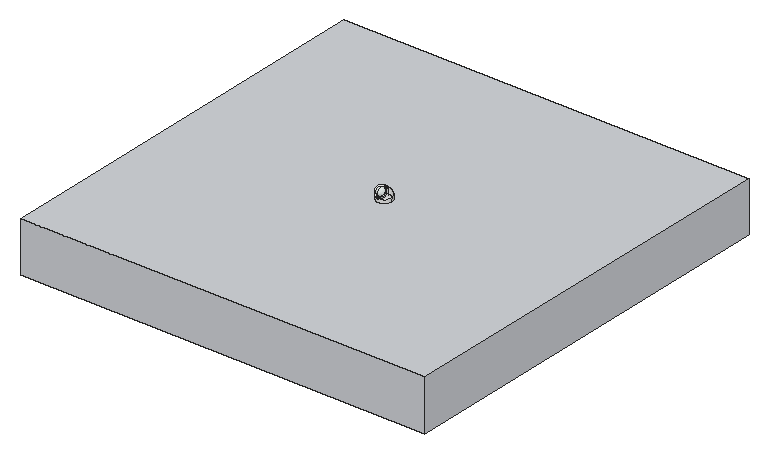
Revit family "Legrand_Lighting_Management_Standalone_Motion_Sensor_360D_IP55_Ceiling", category Dispositifs d'éclairage, Revit 2020
Family settings
  Hôte = Face
  Conserver l'orientation des annotations = Non
  Cote de connecteur circulaire = Utiliser le diamètre
  Type d'élément = Normal
  Couper avec des vides une fois chargée = Non
  Partagée = Non
  Point de calcul de pièce = Non
Parameters
  Ø Area in plan [instance] = 8000 mm
  Voltage type = "AC"
  URL = "http://www.legrandoc.com/048946"
  Temperature (MIN) (°C) = -5
  Temperature (MAX) (°C) = 45
  Suitable for wireless transmission = "no"
  Substation input = "no"
  Response value sensitivity adjustable = "no"
  Response value luminosity adjustable = "yes"
  Response value luminosity (MIN) (lx) = 5
  Response value luminosity (MAX) (lx) = 1275
  Remote operation = "no"
  RAL-number (akin) = "9003"
  Product ID = "048946"
  Nominal voltage (V) = "230"
  Mounting method = "Surface mounted (plaster)"
  Model = "Movement sensor"
  Min. switch-on time (s) = "10"
  Maximum mounting height (m) = "2.5"
  Max. switching power (W) = 1000
  Max. starting current (A) = "4.3"
  Max. duty cycle (mn) = "10"
  Label [instance] = no
  Indication distance [instance] = Ø Area in plan / 1000  # 8 mm
  Image du type = PH6-Ceiling.jpg
  HVAC-control = "no"
  General Conditions of Use = "https://export.legrand.com/en/terms-of-use-BIM-objects"
  Frequency (MIN) (Hz) = 50
  Frequency (MAX) (Hz) = 60
  Forced switch off = "no"
  Fabricant = "LEGRAND"
  Default Elevation = 0 mm
  ETIM-5.0 Class = "EC000133"
  Dim function with dimmer basic element = "no"
  Detection zone [instance] = no
  Detection angle horizontal (MIN) (°) = 0
  Detection angle horizontal (MAX) (°) = 360
  Description = "PIR MOTION SENSOR 360D WALL/CEILING IP55 BLISTER"
  Constant light control = "yes"
  Colour = "White"
  Code d'assemblage = "D5010200"
  Classe de protection (IP) = "IP55"
  Ceiling position [instance] = 2500 mm
  Alarm function = "no"
Reference planes
  plane 1 "Centre (avant/arrière)": y = 0
  plane 2: z = 0
  plane 3 "Centre (gauche/droite)": x = 0
Forms (mm)
  Extrusion 1, solid
    sketch origin (0, 0, 0) x (1, 0, 0) y (0, 1, 0)
      loop
        line (-1219.2, 1219.2) -> (-1219.2, -1219.2) -> (1219.2, -1219.2) -> (1219.2, 1219.2) -> (-1219.2, 1219.2)
    from 0 to -304.8
Dimensions and locks
  aligned and locked: plane 2 to Extrusion 1
  aligned and locked: level to Extrusion 1
  aligned and locked: nested 1 to plane 2
Nested families
  nested 1: "048943 plaf" at (0, 0, 0), type "048943 plaf"
  nested 2: "Symbole C" at (0, 0, 0), type "Symbole C"
  nested 3: "Zone Plafond" at (0, 0, 0), visible <- "Detection zone", Ø zone en plan <- "Ø Area in plan", type "Zone Plafond"
    with Ø zone en plan 8000 mm, Ø Interieur 5333.333 mm
  nested 4: "Detection 360 Dia EN" at (0, 135.133, 0), visible <- "Label", Indication distance <- "Indication distance", type "Detection 360 Dia EN"
    with Indication distance 8 mm
Connectors
  electrical at (0, 0, 0)
    settings: on nested 1, index 1, voltage 230 V, apparent load 0 VA, apparent load phase1 0 VA, apparent load phase2 0 VA, apparent load phase3 0 VA, power factor 1, load classification "Autre", number of poles 1, system type 31, power factor state 1, is connector primary yes, connector utility no, sub classification motor no, connector description ""
Definition of nested family "048943 plaf"
  Parameters (values of type "048943 plaf")
    Optique = none
    built-in parameter 1140140 [instance] = 1 (stored number, unit not read)
    Finition = none
    Default Elevation = 0 mm
    built-in parameter 1140142 [instance] = -1
    built-in parameter 1155100 [instance] = -1
  Reference planes
    plane 1 "Centre (avant/arrière)": y = 0
    plane 2: z = 0
    plane 3 "Centre (gauche/droite)": x = 0
  Forms (mm)
    SweptBlend 1, solid, material <- "Finition"
      path origin (0, -45.25, 0) x (0, 0, -1) y (0, 1, 0)
        loop
          arc (-20.345, 67.875) -> (-47.049, 62.401) -> (-69.446, 46.863) r 67.875
      profile origin (0, 22.625, 20.345) x (0, -1, 0) y (1, 0, 0)
        loop
          circle (22.625, 0) r 44.25
      end profile origin (0, 1.613, 69.446) x (0, -0.690434, -0.723395) y (1, 0, 0)
        loop
          spline (32.637, -33) -> (41.176, -31.876) -> (49.132, -28.579) -> (55.965, -23.335) -> (61.208, -16.5) -> (64.504, -8.541) -> (65.628, 0) -> (64.504, 8.541) -> (61.208, 16.5) -> (55.965, 23.335) -> (49.132, 28.579) -> (41.176, 31.876) -> (32.637, 33)
          spline (32.637, 33) -> (24.098, 31.876) -> (16.141, 28.579) -> (9.309, 23.335) -> (4.066, 16.5) -> (0.77, 8.541) -> (-0.354, 0) -> (0.77, -8.541) -> (4.066, -16.5) -> (9.309, -23.335) -> (16.141, -28.579) -> (24.098, -31.876) -> (32.637, -33)
    Extrusion 2, solid, material <- "Finition"
      sketch origin (0, -20.92, 45.836) x (0, 0.690434, 0.723395) y (-1, 0, 0)
        loop
          arc (0, -33) -> (32.991, 0) -> (0, 33) r 33
          arc (0, 33) -> (-32.991, 0) -> (0, -33) r 33
      from 0 to 10
    Revolve 3, solid, material <- "Optique"
      sketch origin (0, -45.25, 0) x (0, 0, -1) y (0, 1, 0)
        loop
          arc (-69.372, 32.969) -> (-71.978, 17.908) -> (-64.892, 4.364) r 23.816
          line (-64.892, 4.364) -> (-52.74, 17.096) -> (-69.372, 32.969)
        axis (-52.74, 17.096) -> (-64.892, 4.364)
      angle from 0 to 360
    Extrusion 4, solid, material <- "Finition"
      sketch origin (0, -45.25, 12.905) x (1, 0, 0) y (0, 1, 0)
        loop
          circle (0, 45.25) r 44.249
      from -12.905 to 7.44
  Dimensions and locks
    aligned and locked: level to plane 2
    aligned and locked: Revolve 3 to Extrusion 2
    aligned and locked: Extrusion 4 to level
    aligned and locked: Extrusion 4 to SweptBlend 1
Definition of nested family "Symbole C"
  Reference planes
    plane 1: y = 0
    plane 2: x = 0
  Lines and regions (mm)
    detail lines
      curve 1: circle (0, 0, 0) r 0.872 normal (0, 0, 1)
      curve 2: circle (0, -0.457, 0) r 0.406 normal (0, 0, 1)
  Text (mm)
    text "IR" at (-0.268, -0.989, 0)
  Dimensions and locks
    aligned and locked: plane 1 to curve 1
    aligned and locked: plane 2 to curve 2
Definition of nested family "Zone Plafond"
  Parameters (values of type "Zone Plafond")
    Ø zone en plan [instance] = 4000 mm
    Ø Interieur [instance] = Ø zone en plan / 1.5  # 2666.667 mm
  Reference planes
    plane 1 "Centre (avant/arrière)": y = 0
    plane 2: z = 0
    plane 3 "Centre (gauche/droite)": x = 0
  Lines and regions (mm)
    detail lines, in view "Niveau de réf."
      curve 1: circle (0, 0, 0) r 2000 normal (0, 0, 1)
  Dimensions and locks
    "Ø zone en plan": diameter of curve 1
    aligned and locked: plane 3 "Centre (gauche/droite)" to curve 1
    aligned and locked: plane 1 "Centre (avant/arrière)" to curve 1
Definition of nested family "Detection 360 Dia EN"
  Parameters (values of type "Detection 360 Dia EN")
    Indication distance [instance] = 0 mm
  Reference planes
    plane 1: y = 0
    plane 2: x = 0
  Text (mm)
    label "360°, Indication distancem Ø detection at 2.5m height" at (-0.885, 0.234, 0), shows "Indication distance"
